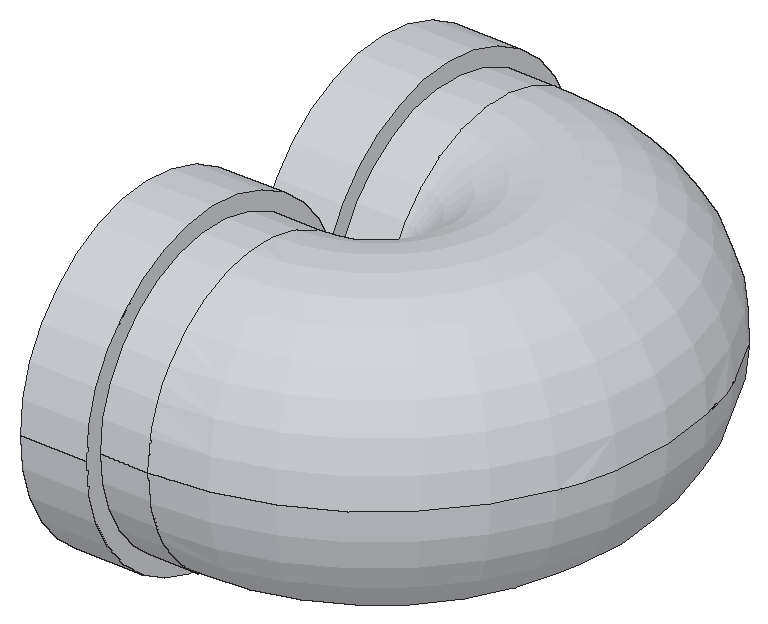
Revit family "M_Padrão fechado da curva do retorno - Rosqueada - MI - Classe 150", category Conexões de tubo, Revit 2019
Family settings
  Cota do conector redondo = Usar raio
  Tipo de parte = Múltiplas portas
  Número OmniClass = 23.60.30.11.14
  Título OmniClass = Pipework Fittings
  ID de item do Seek = Return Bend Closed-Pattern - Threaded - MI - Class 150-0000-CAN-ENU
  Com base no plano de trabalho = Não
  Sempre na vertical = Sim
  Corte com vazios quando carregada = Não
  Compartilhado = Não
Parameters (values of type "Padrão")
  Tamanho da marca de revisão [instance] = Diâmetro externo da conexão * 0.4  # 10.88 mm
  Comprimento da rosca [instance] = size_lookup(Nome da tabela de pesquisa, "TLgt", 0.19 * Diâmetro nominal + 9.624 mm, Diâmetro nominal)  # 10.9 mm
  Raio nominal [instance] = 7.5 mm
  Diâmetro nominal [instance] = Raio nominal * 2  # 15 mm
  Espessura do Metal [instance] = size_lookup(Nome da tabela de pesquisa, "MThk", 0.06 * Diâmetro nominal + 2.282 mm, Diâmetro nominal)  # 2.95 mm
  Método de perda = Não definido
  Nome da tabela de pesquisa = "M_Return Bend Closed-Pattern - Threaded - MI - Class 150"
  Comprimento 1 [instance] = Diâmetro interno da conexão + 2 * Espessura do Metal + 0.794 mm  # 27.994 mm
  Meio centro ao centro [instance] = 0.5 * Centro ao centro  # 13.997 mm
  Raio externo da conexão [instance] = Diâmetro externo da conexão / 2  # 13.6 mm
  Diâmetro externo da conexão [instance] = Diâmetro interno da conexão + Espessura do Metal * 2  # 27.2 mm
  Diâmetro interno da conexão [instance] = size_lookup(Nome da tabela de pesquisa, "FID", 1.06 * Diâmetro nominal + 6.052 mm, Diâmetro nominal)  # 21.3 mm
  Centro ao centro [instance] = if(Centro ao centro 1 > Diâmetro interno da conexão + 2 * Espessura do Metal, Centro ao centro 1, Comprimento 1)  # 27.994 mm
  Centro ao centro 1 [instance] = size_lookup(Nome da tabela de pesquisa, "CtC", 1.18 * Diâmetro nominal + 7.938 mm, Diâmetro nominal)  # 25.4 mm
  Largura da fita [instance] = size_lookup(Nome da tabela de pesquisa, "BWid", 0.12 * Diâmetro nominal + 4.564 mm, Diâmetro nominal)  # 6.3 mm
  Raio externo da fita [instance] = Diâmetro externo da fita / 2  # 15.2 mm
  Diâmetro externo da fita [instance] = size_lookup(Nome da tabela de pesquisa, "BOD", 1.22 * Diâmetro nominal + 13.295 mm, Diâmetro nominal)  # 30.4 mm
Reference planes
  plane 1 "Centro (Frente/Trás)": y = 0
  plane 2: z = 0
  plane 3 "Centro (Esquerda/Direita)": x = 0
  plane 4: y = -27.994
  plane 5: x = 6.3
  plane 6: x = 10.9
  plane 7: y = -13.997
Forms (mm)
  Sweep 1, solid, detail levels fine
    path origin (0, 0, 0) x (1, 0, 0) y (0, 1, 0)
      loop
        line (0, 0) -> (6.3, 0)
    profile origin (3.15, 0, 0) x (0, 1, 0) y (0, 0, 1)
      loop
        circle (0, 0) r 15.2
  Sweep 2, solid, detail levels fine
    path origin (0, 0, 0) x (1, 0, 0) y (0, 1, 0)
      loop
        line (0, -27.994) -> (6.3, -27.994)
    profile origin (3.15, -27.994, 0) x (0, 1, 0) y (0, 0, 1)
      loop
        circle (0, 0) r 15.2
  Sweep 3, solid, detail levels fine
    path origin (0, 0, 0) x (1, 0, 0) y (0, 1, 0)
      loop
        line (6.3, 0) -> (10.9, 0)
        arc (10.9, 0) -> (24.897, -13.997) -> (10.9, -27.994) r 13.997
        line (10.9, -27.994) -> (6.3, -27.994)
    profile origin (24.897, -13.997, 0) x (1, 0, 0) y (0, 0, 1)
      loop
        circle (0, 0) r 13.6
Cuts and joins
  joined: Sweep 1, Sweep 2, Sweep 3
Lines and regions (mm)
  model lines, detail levels coarse+medium
    curve 1: line (0, -27.994, 0) -> (10.9, -27.994, 0)
    curve 2: line (0, 0, 0) -> (10.9, 0, 0)
    curve 3: arc (10.9, 0, 0) -> (24.897, -13.997, 0) -> (10.9, -27.994, 0) r 13.997
    curve 4: line (0, 10.88, 0) -> (0, -10.88, 0)
    curve 5: line (0, -17.114, 0) -> (0, -38.874, 0)
Dimensions and locks
  "Centro ao centro": plane 4 to plane 1 "Centro (Frente/Trás)"
  "Largura da fita": plane 3 "Centro (Esquerda/Direita)" to plane 5
  "Comprimento da rosca": plane 3 "Centro (Esquerda/Direita)" to plane 6
  equal spacing: plane 4, plane 7, plane 1 "Centro (Frente/Trás)"
  "Tamanho da marca de revisão": curve 4 to curve 2  (x2)
  "Tamanho da marca de revisão": curve 5 to curve 1
  "Tamanho da marca de revisão": curve 1 to curve 5
  "Raio externo da fita": radius of Sweep 1 sketch curve
  "Raio externo da fita": radius of Sweep 2 sketch curve
  "Meio centro ao centro": radius of Sweep 3 sketch curve
  "Raio externo da conexão": radius of Sweep 3 sketch curve
  "Meio centro ao centro": radius of curve 3
  aligned and locked: plane 3 "Centro (Esquerda/Direita)" to Sweep 1 sketch curve
  aligned and locked: plane 5 to Sweep 1 sketch curve
  aligned and locked: plane 1 "Centro (Frente/Trás)" to Sweep 1 sketch curve  (x2)
  aligned and locked: plane 2 to Sweep 1 sketch curve
  aligned and locked: plane 3 "Centro (Esquerda/Direita)" to Sweep 2 sketch curve
  aligned and locked: Sweep 2 sketch curve to plane 4
  aligned and locked: plane 2 to Sweep 2 sketch curve
  aligned and locked: plane 4 to Sweep 2 sketch curve
  aligned and locked: plane 7 to Sweep 3 sketch curve
  aligned and locked: plane 6 to Sweep 3 sketch curve
  aligned and locked: Sweep 1 to Sweep 3 sketch curve
  aligned and locked: plane 1 "Centro (Frente/Trás)" to Sweep 3 sketch curve
  aligned and locked: Sweep 2 to Sweep 3 sketch curve
  aligned and locked: Sweep 3 sketch curve to plane 4
  aligned and locked: plane 7 to curve 3
  aligned and locked: plane 6 to curve 3
  aligned and locked: plane 1 "Centro (Frente/Trás)" to curve 2
  aligned and locked: curve 1 to plane 4
  aligned and locked: curve 4 to plane 3 "Centro (Esquerda/Direita)"
  aligned and locked: curve 5 to plane 3 "Centro (Esquerda/Direita)"
  aligned and locked: plane 6 to curve 2
  aligned and locked: plane 6 to curve 1
Automatic sketch dimensions
  Sweep 2 sketch curve to plane 5 = 0 mm
  Sweep 3 sketch curve to level = 0 mm
  profile plane to Sweep 3 sketch curve = 0 mm
Connectors
  piping at (0, 0, 0), diameter 15, driven by "Raio nominal"
    settings: on Sweep 1, index 1, connector inside diameter 15 mm, connector length 0 mm, flow factor 0, pipe flow 0.0 L/s, pressure drop 0.0 Pa, fitting loss kfactor 0, connector angle 0.00°, fixture units 0, engagement length 0 mm, angle of deflection 0.00°, flow configuration 0, flow direction 0, fitting loss method 0, system type 28, joint type 0, gender type 0, connector reference index 2, connector utility 0, adjustable connector no, is connector primary yes, connector description ""
  piping at (0, -27.994, 0), diameter 15, driven by "Raio nominal"
    settings: on Sweep 2, index 2, connector inside diameter 15 mm, connector length 0 mm, flow factor 0, pipe flow 0.0 L/s, pressure drop 0.0 Pa, fitting loss kfactor 0, connector angle 0.00°, fixture units 0, engagement length 0 mm, angle of deflection 0.00°, flow configuration 0, flow direction 0, fitting loss method 0, system type 28, joint type 0, gender type 0, connector reference index 1, connector utility 0, adjustable connector no, is connector primary no, connector description ""
